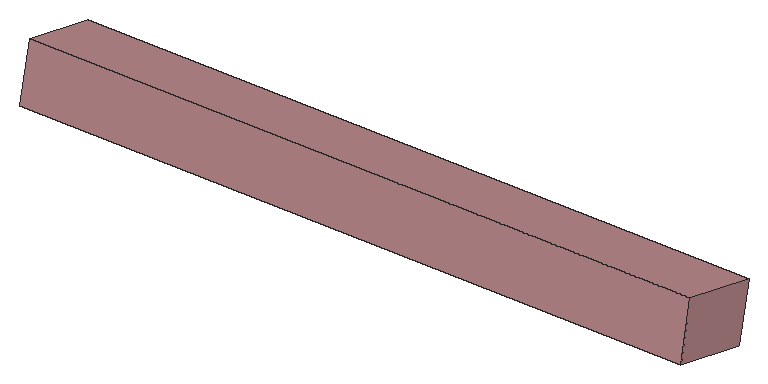
Revit family
Parameters (values of type "102mm Deep 45mm Radius")
  Opening Width [instance] = 1210.0 mm
  Material Cill = Masonry - Brickwork Cill
  Keynote = "F10"
  Cill Height [instance] = 910.0 mm
  Cill/Lintol Length [instance] = Opening Width + 2 * (Cill Lintol Bearing)  # 1210.0 mm
  Cill Lintol Bearing = 0.0 mm
Reference planes
  plane 1 "Wall": y = -11.298
  plane 2 "Center (Left/Right)": x = 161.814
  plane 3 "Back": y = 138.702
  plane 4 "U/S Lintol": z = 910
  plane 5: x = 766.814
  plane 6: x = -443.186
  plane 7: x = 766.814
  plane 8: x = -443.186
  plane 9: y = 143.702
  plane 10: y = 41.202
Forms (mm)
  Extrusion 1, solid, material "Masonry - Brickwork Cill" <- "Material Cill"
    sketch origin (161.814, 0, 2.703) x (0, 1, 0) y (0, 0, 1)
      loop
        line (53.918, 907.297) -> (32.607, 807.037) -> (166.613, 778.553) -> (187.924, 878.813) -> (53.918, 907.297)
    from -605 to 605
  Extrusion 2, void
    sketch origin (161.814, 0, 0) x (0, -1, 0) y (0, 0, 1)
      loop
        line (-138.702, 787.189) -> (-41.202, 807.913) -> (-41.202, 910) -> (-138.702, 910) -> (-138.702, 787.189)
    from -605 to 605
Text (mm)
  text "Placement side" at (-1848.837, 1116.779, 0), in view "Ref. Level"
  text "Placement side" at (0, 1409.804, 2854.306), in view "Left"
  text "Placement side" at (0, 499.811, 2980.732), in view "Right"
Dimensions and locks
  locked: plane 3 "Back" to host wall
  equal spacing: plane 5, plane 2 "Center (Left/Right)", plane 6
  "Opening Width": plane 5 to plane 6
  "Cill Lintol Bearing": plane 7 to plane 5
  "Cill Lintol Bearing": plane 6 to plane 8
  "Cill Height": level to plane 4 "U/S Lintol"
  locked: plane 3 "Back" to plane 9 at 5
  locked: plane 10 to plane 9 at 102.5
  Extrusion 1 sketch curve to Extrusion 1 sketch curve = 137.0 mm
  Extrusion 1 sketch curve to Extrusion 1 sketch curve = 102.5 mm
  aligned and locked: plane 1 "Wall" to host wall
  aligned and locked: plane 3 "Back" to Extrusion 2 sketch curve
  aligned and locked: plane 10 to Extrusion 2 sketch curve
  aligned and locked: plane 4 "U/S Lintol" to Extrusion 2 sketch curve
  aligned and locked: plane 7 to Extrusion 2
  aligned and locked: Extrusion 2 to plane 8
  aligned and locked: plane 7 to Extrusion 1
  aligned and locked: Extrusion 1 to plane 8
  aligned and locked: Extrusion 2 sketch curve to Extrusion 1
Automatic sketch dimensions
  Extrusion 1 sketch curve to plane 10 = 8.595 mm
  Extrusion 1 sketch curve to plane 4 "U/S Lintol" = 0.0 mm
  plane 10 to Extrusion 1 sketch curve = 12.716 mm
